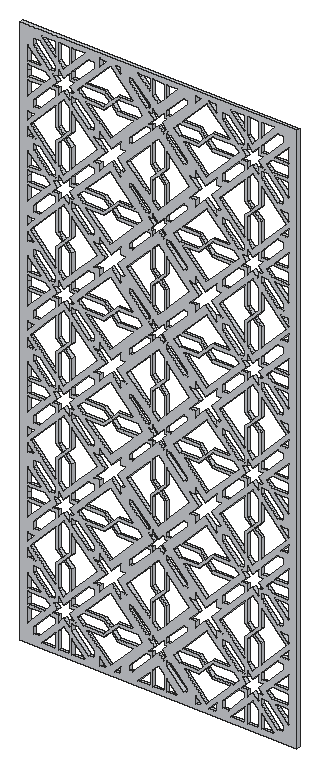
Revit family "Jumeirah", category Generic Models, Revit 2016
Family settings
  Part Type = Normal
  Can host rebar = No
  Round Connector Dimension = Use Diameter
  Work Plane-Based = Yes
  Always vertical = No
  Cut with Voids When Loaded = Yes
  Shared = No
  Room Calculation Point = No
Parameters
  Default Elevation = 4' - 0"
  Angle = 0.00°
Reference planes (in)
  plane 1 "Center (Front/Back)": y = 0
  plane 2: z = 0
  plane 3 "Center (Left/Right)": x = 0
Forms (in)
  Extrusion 1, solid
    sketch origin (392, 0, 0) x (1, 0, 0) y (0, 0, 1)
      loop
        line (-344, 96) -> (-392, 96) -> (-392, 0) -> (-344, 0) -> (-344, 96)
      loop
        line (-388.286, 95.1909) -> (-385.80749, 92.7124) -> (-385.80715, 95.19244) -> (-388.286, 95.1909)
      loop
        line (-385.37664, 95.19269) -> (-385.37664, 92.28156) -> (-384.39116, 91.29925) -> (-383.40717, 92.28323) -> (-383.40717, 95.19386) -> (-385.37664, 95.19269)
      loop
        line (-382.97666, 95.19244) -> (-382.97633, 92.7124) -> (-380.49781, 95.1909) -> (-382.97666, 95.19244)
      loop
        line (-378.1408, 93.80129) -> (-376.75505, 95.1909) -> (-378.1408, 95.19204) -> (-378.1408, 93.80129)
      loop
        line (-375.63685, 95.1909) -> (-374.49969, 94.05001) -> (-374.49969, 95.19067) -> (-375.63685, 95.1909)
      loop
        line (-371.53996, 95.19067) -> (-369.4152, 93.06591) -> (-369.41491, 95.19067) -> (-371.53996, 95.19067)
      loop
        line (-381.93689, 90.35682) -> (-379.06254, 93.23116) -> (-379.06256, 94.28168) -> (-380.09126, 94.28059) -> (-382.97615, 91.3957) -> (-382.97601, 90.35682) -> (-381.93689, 90.35682)
      loop
        line (-389.72126, 94.28168) -> (-389.72127, 93.23116) -> (-386.84692, 90.35682) -> (-385.8078, 90.35682) -> (-385.80766, 91.3957) -> (-388.69255, 94.28059) -> (-389.72126, 94.28168)
      loop
        line (-380.61849, 90.35681) -> (-377.32254, 90.3568) -> (-376.1958, 89.23006) -> (-375.06905, 90.35682) -> (-372.12478, 90.35681) -> (-376.37164, 94.60952) -> (-380.61849, 90.35681)
      loop
        line (-370.10113, 90.35682) -> (-369.41556, 90.35682) -> (-369.41547, 91.0422) -> (-372.40397, 94.0307) -> (-373.07901, 94.03141) -> (-373.07902, 93.33471) -> (-370.10113, 90.35682)
      loop
        line (-372.40397, 83.85111) -> (-369.41547, 86.83961) -> (-369.41556, 87.52499) -> (-370.10113, 87.52499) -> (-373.07902, 84.5471) -> (-373.07901, 83.8504) -> (-372.40397, 83.85111)
      loop
        line (-390.64194, 92.83497) -> (-390.64195, 90.35682) -> (-388.16379, 90.35682) -> (-390.64194, 92.83497)
      loop
        line (-390.64195, 89.92566) -> (-390.64196, 88.9409) -> (-390.64195, 87.95615) -> (-387.73262, 87.95615) -> (-386.74787, 88.9409) -> (-387.73262, 89.92566) -> (-390.64195, 89.92566)
      loop
        line (-385.43101, 88.9409) -> (-386.41576, 87.95615) -> (-385.37664, 87.95615) -> (-385.37664, 86.91713) -> (-384.39113, 87.90264) -> (-383.40717, 86.91867) -> (-383.40717, 87.95615) -> (-382.36974, 87.95617) -> (-383.35447, 88.9409) -> (-382.36974, 89.92564) -> (-383.40717, 89.92566) -> (-383.40717, 90.96314) -> (-384.39113, 89.97917) -> (-385.37664, 90.96468) -> (-385.37664, 89.92566) -> (-386.41576, 89.92566) -> (-385.43101, 88.9409)
      loop
        line (-382.0344, 88.9409) -> (-381.04966, 87.95617) -> (-377.47181, 87.95617) -> (-376.48499, 88.9409) -> (-377.47181, 89.92564) -> (-381.04966, 89.92564) -> (-382.0344, 88.9409)
      loop
        line (-375.89005, 88.9409) -> (-374.90528, 87.95615) -> (-371.69393, 87.95615) -> (-370.70918, 88.9409) -> (-371.69393, 89.92566) -> (-374.90528, 89.92566) -> (-375.89005, 88.9409)
      loop
        line (-381.93689, 87.52499) -> (-382.97601, 87.52499) -> (-382.97615, 86.48611) -> (-380.09126, 83.60122) -> (-379.06256, 83.60013) -> (-379.06254, 84.65065) -> (-381.93689, 87.52499)
      loop
        line (-389.72126, 83.60013) -> (-388.69255, 83.60122) -> (-385.80766, 86.48611) -> (-385.8078, 87.52499) -> (-386.84692, 87.52499) -> (-389.72127, 84.65065) -> (-389.72126, 83.60013)
      loop
        line (-380.61849, 87.525) -> (-376.37164, 83.27229) -> (-372.12478, 87.525) -> (-375.06905, 87.52499) -> (-376.1958, 88.65175) -> (-377.32254, 87.52501) -> (-380.61849, 87.525)
      loop
        line (-390.64194, 85.04684) -> (-388.16379, 87.52499) -> (-390.64195, 87.52499) -> (-390.64194, 85.04684)
      loop
        line (-368, 95.1909) -> (-368.9844, 95.19092) -> (-368.9844, 92.63511) -> (-368, 91.65072) -> (-367.0156, 92.63511) -> (-367.0156, 95.19092) -> (-368, 95.1909)
      loop
        line (-381.93689, 73.98046) -> (-379.06254, 76.8548) -> (-379.06256, 77.90531) -> (-380.09126, 77.90423) -> (-382.97615, 75.01934) -> (-382.97601, 73.98046) -> (-381.93689, 73.98046)
      loop
        line (-389.72126, 77.90531) -> (-389.72127, 76.8548) -> (-386.84692, 73.98046) -> (-385.8078, 73.98046) -> (-385.80766, 75.01934) -> (-388.69255, 77.90423) -> (-389.72126, 77.90531)
      loop
        line (-380.61849, 73.98045) -> (-377.32254, 73.98044) -> (-376.1958, 72.8537) -> (-375.06905, 73.98046) -> (-372.12478, 73.98045) -> (-376.37164, 78.23316) -> (-380.61849, 73.98045)
      loop
        line (-370.10113, 73.98046) -> (-369.41556, 73.98046) -> (-369.41547, 74.66584) -> (-372.40397, 77.65433) -> (-373.07901, 77.65505) -> (-373.07902, 76.95835) -> (-370.10113, 73.98046)
      loop
        line (-372.40397, 67.47475) -> (-369.41547, 70.46325) -> (-369.41556, 71.14863) -> (-370.10113, 71.14863) -> (-373.07902, 68.17073) -> (-373.07901, 67.47404) -> (-372.40397, 67.47475)
      loop
        line (-390.64194, 76.45861) -> (-390.64195, 73.98046) -> (-388.16379, 73.98046) -> (-390.64194, 76.45861)
      loop
        line (-390.64195, 73.5493) -> (-390.64196, 72.56454) -> (-390.64195, 71.57979) -> (-387.73262, 71.57979) -> (-386.74787, 72.56454) -> (-387.73262, 73.5493) -> (-390.64195, 73.5493)
      loop
        line (-385.43101, 72.56454) -> (-386.41576, 71.57979) -> (-385.37664, 71.57979) -> (-385.37664, 70.54077) -> (-384.39113, 71.52627) -> (-383.40717, 70.54231) -> (-383.40717, 71.57979) -> (-382.36974, 71.57981) -> (-383.35447, 72.56454) -> (-382.36974, 73.54928) -> (-383.40717, 73.5493) -> (-383.40717, 74.58677) -> (-384.39113, 73.60281) -> (-385.37664, 74.58832) -> (-385.37664, 73.5493) -> (-386.41576, 73.5493) -> (-385.43101, 72.56454)
      loop
        line (-382.0344, 72.56454) -> (-381.04966, 71.57981) -> (-377.47181, 71.57981) -> (-376.48499, 72.56454) -> (-377.47181, 73.54928) -> (-381.04966, 73.54928) -> (-382.0344, 72.56454)
      loop
        line (-375.89005, 72.56454) -> (-374.90528, 71.57979) -> (-371.69393, 71.57979) -> (-370.70918, 72.56454) -> (-371.69393, 73.5493) -> (-374.90528, 73.5493) -> (-375.89005, 72.56454)
      loop
        line (-381.93689, 71.14863) -> (-382.97601, 71.14863) -> (-382.97615, 70.10974) -> (-380.09126, 67.22486) -> (-379.06256, 67.22377) -> (-379.06254, 68.27429) -> (-381.93689, 71.14863)
      loop
        line (-389.72126, 67.22377) -> (-388.69255, 67.22486) -> (-385.80766, 70.10974) -> (-385.8078, 71.14863) -> (-386.84692, 71.14863) -> (-389.72127, 68.27429) -> (-389.72126, 67.22377)
      loop
        line (-380.61849, 71.14864) -> (-376.37164, 66.89593) -> (-372.12478, 71.14864) -> (-375.06905, 71.14863) -> (-376.1958, 72.27538) -> (-377.32254, 71.14865) -> (-380.61849, 71.14864)
      loop
        line (-390.64194, 68.67048) -> (-388.16379, 71.14863) -> (-390.64195, 71.14863) -> (-390.64194, 68.67048)
      loop
        line (-381.93689, 57.6041) -> (-379.06254, 60.47844) -> (-379.06256, 61.52895) -> (-380.09126, 61.52786) -> (-382.97615, 58.64298) -> (-382.97601, 57.6041) -> (-381.93689, 57.6041)
      loop
        line (-389.72126, 61.52895) -> (-389.72127, 60.47844) -> (-386.84692, 57.6041) -> (-385.8078, 57.6041) -> (-385.80766, 58.64298) -> (-388.69255, 61.52786) -> (-389.72126, 61.52895)
      loop
        line (-380.61849, 57.60409) -> (-377.32254, 57.60408) -> (-376.1958, 56.47734) -> (-375.06905, 57.6041) -> (-372.12478, 57.60409) -> (-376.37164, 61.8568) -> (-380.61849, 57.60409)
      loop
        line (-370.10113, 57.6041) -> (-369.41556, 57.6041) -> (-369.41547, 58.28947) -> (-372.40397, 61.27797) -> (-373.07901, 61.27869) -> (-373.07902, 60.58199) -> (-370.10113, 57.6041)
      loop
        line (-368, 56.87401) -> (-368.9844, 57.8584) -> (-368.9844, 57.17293) -> (-369.66997, 57.17293) -> (-368.68521, 56.18818) -> (-369.66997, 55.20343) -> (-368.9844, 55.20343) -> (-368.9844, 54.51796) -> (-368, 55.50235) -> (-367.0156, 54.51796) -> (-367.0156, 55.20343) -> (-366.33003, 55.20343) -> (-367.31479, 56.18818) -> (-366.33003, 57.17293) -> (-367.0156, 57.17293) -> (-367.0156, 57.8584) -> (-368, 56.87401)
      loop
        line (-372.40397, 51.09839) -> (-369.41547, 54.08689) -> (-369.41556, 54.77227) -> (-370.10113, 54.77227) -> (-373.07902, 51.79437) -> (-373.07901, 51.09767) -> (-372.40397, 51.09839)
      loop
        line (-390.64194, 60.08225) -> (-390.64195, 57.6041) -> (-388.16379, 57.6041) -> (-390.64194, 60.08225)
      loop
        line (-390.64195, 57.17294) -> (-390.64196, 56.18818) -> (-390.64195, 55.20343) -> (-387.73262, 55.20343) -> (-386.74787, 56.18818) -> (-387.73262, 57.17293) -> (-390.64195, 57.17294)
      loop
        line (-385.43101, 56.18818) -> (-386.41576, 55.20343) -> (-385.37664, 55.20343) -> (-385.37664, 54.1644) -> (-384.39113, 55.14991) -> (-383.40717, 54.16595) -> (-383.40717, 55.20343) -> (-382.36974, 55.20345) -> (-383.35447, 56.18818) -> (-382.36974, 57.17292) -> (-383.40717, 57.17293) -> (-383.40717, 58.21041) -> (-384.39113, 57.22645) -> (-385.37664, 58.21196) -> (-385.37664, 57.17293) -> (-386.41576, 57.17293) -> (-385.43101, 56.18818)
      loop
        line (-382.0344, 56.18818) -> (-381.04966, 55.20345) -> (-377.47181, 55.20345) -> (-376.48499, 56.18818) -> (-377.47181, 57.17292) -> (-381.04966, 57.17292) -> (-382.0344, 56.18818)
      loop
        line (-375.89005, 56.18818) -> (-374.90528, 55.20343) -> (-371.69393, 55.20343) -> (-370.70918, 56.18818) -> (-371.69393, 57.17293) -> (-374.90528, 57.17293) -> (-375.89005, 56.18818)
      loop
        line (-381.93689, 54.77227) -> (-382.97601, 54.77227) -> (-382.97615, 53.73338) -> (-380.09126, 50.8485) -> (-379.06256, 50.84741) -> (-379.06254, 51.89792) -> (-381.93689, 54.77227)
      loop
        line (-389.72126, 50.84741) -> (-388.69255, 50.8485) -> (-385.80766, 53.73338) -> (-385.8078, 54.77227) -> (-386.84692, 54.77227) -> (-389.72127, 51.89792) -> (-389.72126, 50.84741)
      loop
        line (-380.61849, 54.77227) -> (-376.37164, 50.51956) -> (-372.12478, 54.77227) -> (-375.06905, 54.77227) -> (-376.1958, 55.89902) -> (-377.32254, 54.77228) -> (-380.61849, 54.77227)
      loop
        line (-390.64194, 52.29412) -> (-388.16379, 54.77227) -> (-390.64195, 54.77226) -> (-390.64194, 52.29412)
      loop
        line (-389.24366, 82.6909) -> (-390.64194, 82.6909) -> (-390.64198, 81.29519) -> (-389.24366, 82.6909)
      loop
        line (-390.64199, 80.20763) -> (-390.64194, 78.81454) -> (-389.24702, 78.81454) -> (-390.64199, 80.20763)
      loop
        line (-385.8078, 76.33635) -> (-385.8078, 79.63393) -> (-384.68901, 80.75271) -> (-385.80782, 81.87152) -> (-385.80782, 85.16909) -> (-390.22418, 80.7491) -> (-385.8078, 76.33635)
      loop
        line (-385.37663, 75.90519) -> (-384.39191, 74.92047) -> (-383.40716, 75.90527) -> (-383.40716, 79.48466) -> (-384.39192, 80.45562) -> (-385.37663, 79.47017) -> (-385.37663, 75.90519)
      loop
        line (-382.97447, 76.33635) -> (-378.55809, 80.7491) -> (-382.97445, 85.16909) -> (-382.97445, 81.87152) -> (-384.09325, 80.75271) -> (-382.97447, 79.63393) -> (-382.97447, 76.33635)
      loop
        line (-383.40719, 85.59862) -> (-384.39113, 86.58256) -> (-385.37666, 85.60025) -> (-385.37666, 82.03863) -> (-384.39024, 81.05222) -> (-383.40719, 82.03529) -> (-383.40719, 85.59862)
      loop
        line (-377.23743, 80.75428) -> (-379.17978, 78.81454) -> (-378.14194, 78.81454) -> (-378.14194, 77.77804) -> (-376.20596, 79.71942) -> (-374.49969, 78.00755) -> (-374.49969, 79.06454) -> (-373.46219, 79.06454) -> (-375.16171, 80.76177) -> (-373.47944, 82.4409) -> (-374.49969, 82.4409) -> (-374.49969, 83.50101) -> (-376.20831, 81.78677) -> (-378.1408, 83.72466) -> (-378.1408, 82.68977) -> (-379.17654, 82.68977) -> (-377.23743, 80.75428)
      loop
        line (-373.47838, 80.74957) -> (-369.41558, 76.69011) -> (-369.41558, 79.63393) -> (-368.29678, 80.75272) -> (-369.41558, 81.87152) -> (-369.41558, 84.81553) -> (-373.47838, 80.74957)
      loop
        line (-368.98442, 79.47017) -> (-368.98442, 76.25875) -> (-368, 75.27434) -> (-367.01558, 76.25875) -> (-367.01558, 79.47017) -> (-368, 80.45457) -> (-368.98442, 79.47017)
      loop
        line (-368.98442, 82.03527) -> (-368, 81.05088) -> (-367.01558, 82.03527) -> (-367.01558, 85.24669) -> (-368, 86.23111) -> (-368.98442, 85.24669) -> (-368.98442, 82.03527)
      loop
        line (-389.24366, 66.31454) -> (-390.64194, 66.31454) -> (-390.64198, 64.91883) -> (-389.24366, 66.31454)
      loop
        line (-390.64199, 63.83126) -> (-390.64194, 62.43818) -> (-389.24702, 62.43818) -> (-390.64199, 63.83126)
      loop
        line (-385.8078, 59.95999) -> (-385.8078, 63.25757) -> (-384.68901, 64.37635) -> (-385.80782, 65.49516) -> (-385.80782, 68.79272) -> (-390.22418, 64.37274) -> (-385.8078, 59.95999)
      loop
        line (-385.37663, 59.52883) -> (-384.39191, 58.54411) -> (-383.40716, 59.52891) -> (-383.40716, 63.1083) -> (-384.39192, 64.07926) -> (-385.37663, 63.09381) -> (-385.37663, 59.52883)
      loop
        line (-382.97447, 59.95999) -> (-378.55809, 64.37274) -> (-382.97445, 68.79272) -> (-382.97445, 65.49516) -> (-384.09325, 64.37635) -> (-382.97447, 63.25757) -> (-382.97447, 59.95999)
      loop
        line (-383.40719, 69.22225) -> (-384.39113, 70.2062) -> (-385.37666, 69.22389) -> (-385.37666, 65.66227) -> (-384.39024, 64.67586) -> (-383.40719, 65.65893) -> (-383.40719, 69.22225)
      loop
        line (-377.23743, 64.37792) -> (-379.17978, 62.43818) -> (-378.14194, 62.43818) -> (-378.14194, 61.40168) -> (-376.20596, 63.34306) -> (-374.49969, 61.63118) -> (-374.49969, 62.68818) -> (-373.46219, 62.68818) -> (-375.16171, 64.38541) -> (-373.47944, 66.06454) -> (-374.49969, 66.06454) -> (-374.49969, 67.12465) -> (-376.20831, 65.41041) -> (-378.1408, 67.3483) -> (-378.1408, 66.31341) -> (-379.17654, 66.31341) -> (-377.23743, 64.37792)
      loop
        line (-373.47838, 64.37321) -> (-369.41558, 60.31374) -> (-369.41558, 63.25757) -> (-368.29678, 64.37636) -> (-369.41558, 65.49516) -> (-369.41558, 68.43917) -> (-373.47838, 64.37321)
      loop
        line (-368.98442, 63.09381) -> (-368.98442, 59.88239) -> (-368, 58.89798) -> (-367.01558, 59.88239) -> (-367.01558, 63.09381) -> (-368, 64.07821) -> (-368.98442, 63.09381)
      loop
        line (-368.98442, 65.65891) -> (-368, 64.67452) -> (-367.01558, 65.65891) -> (-367.01558, 68.87033) -> (-368, 69.85475) -> (-368.98442, 68.87033) -> (-368.98442, 65.65891)
      loop
        line (-389.24366, 49.94449) -> (-390.64194, 49.94449) -> (-390.64198, 48.54877) -> (-389.24366, 49.94449)
      loop
        line (-390.22686, 48) -> (-385.80782, 43.57733) -> (-385.80782, 46.8749) -> (-384.68272, 48) -> (-385.80782, 49.1251) -> (-385.80782, 52.42267) -> (-390.22686, 48)
      loop
        line (-382.97445, 49.1251) -> (-384.09955, 48) -> (-382.97445, 46.8749) -> (-382.97445, 43.57733) -> (-378.5554, 48) -> (-382.97445, 52.42267) -> (-382.97445, 49.1251)
      loop
        line (-383.40719, 52.8522) -> (-384.39113, 53.83614) -> (-385.37666, 52.85383) -> (-385.37666, 49.29222) -> (-384.39024, 48.3058) -> (-383.40719, 49.28887) -> (-383.40719, 52.8522)
      loop
        line (-377.22955, 48) -> (-379.17654, 46.05665) -> (-378.1408, 46.05665) -> (-378.1408, 45.02176) -> (-376.20831, 46.95964) -> (-374.49969, 45.24541) -> (-374.49969, 46.30551) -> (-373.47944, 46.30551) -> (-375.1771, 48) -> (-373.47944, 49.69449) -> (-374.49969, 49.69449) -> (-374.49969, 50.75459) -> (-376.20831, 49.04036) -> (-378.1408, 50.97824) -> (-378.1408, 49.94335) -> (-379.17654, 49.94335) -> (-377.22955, 48)
      loop
        line (-373.48153, 48) -> (-369.41558, 43.93088) -> (-369.41558, 46.8749) -> (-368.29047, 48) -> (-369.41558, 49.1251) -> (-369.41558, 52.06912) -> (-373.48153, 48)
      loop
        line (-368.98442, 49.28886) -> (-368, 48.30446) -> (-367.01558, 49.28886) -> (-367.01558, 52.50028) -> (-368, 53.48469) -> (-368.98442, 52.50028) -> (-368.98442, 49.28886)
      loop
        line (-368, 73.25037) -> (-368.9844, 74.23477) -> (-368.9844, 73.5493) -> (-369.66997, 73.5493) -> (-368.68521, 72.56454) -> (-369.66997, 71.57979) -> (-368.9844, 71.57979) -> (-368.9844, 70.89432) -> (-368, 71.87872) -> (-367.0156, 70.89432) -> (-367.0156, 71.57979) -> (-366.33003, 71.57979) -> (-367.31479, 72.56454) -> (-366.33003, 73.5493) -> (-367.0156, 73.5493) -> (-367.0156, 74.23477) -> (-368, 73.25037)
      loop
        line (-368, 89.62673) -> (-368.9844, 90.61113) -> (-368.9844, 89.92566) -> (-369.66997, 89.92566) -> (-368.68521, 88.9409) -> (-369.66997, 87.95615) -> (-368.9844, 87.95615) -> (-368.9844, 87.27068) -> (-368, 88.25508) -> (-367.0156, 87.27068) -> (-367.0156, 87.95615) -> (-366.33003, 87.95615) -> (-367.31479, 88.9409) -> (-366.33003, 89.92566) -> (-367.0156, 89.92566) -> (-367.0156, 90.61113) -> (-368, 89.62673)
      loop
        line (-347.714, 95.1909) -> (-350.19285, 95.19244) -> (-350.19251, 92.7124) -> (-347.714, 95.1909)
      loop
        line (-350.62336, 95.19269) -> (-352.59283, 95.19386) -> (-352.59283, 92.28323) -> (-351.60884, 91.29925) -> (-350.62336, 92.28156) -> (-350.62336, 95.19269)
      loop
        line (-353.02334, 95.19244) -> (-355.50219, 95.1909) -> (-353.02367, 92.7124) -> (-353.02334, 95.19244)
      loop
        line (-357.8592, 93.80129) -> (-357.8592, 95.19204) -> (-359.24495, 95.1909) -> (-357.8592, 93.80129)
      loop
        line (-360.36315, 95.1909) -> (-361.50031, 95.19067) -> (-361.50031, 94.05001) -> (-360.36315, 95.1909)
      loop
        line (-364.46004, 95.19067) -> (-366.58509, 95.19067) -> (-366.5848, 93.06591) -> (-364.46004, 95.19067)
      loop
        line (-354.06311, 90.35682) -> (-353.02399, 90.35682) -> (-353.02385, 91.3957) -> (-355.90874, 94.28059) -> (-356.93744, 94.28168) -> (-356.93746, 93.23116) -> (-354.06311, 90.35682)
      loop
        line (-346.27874, 94.28168) -> (-347.30745, 94.28059) -> (-350.19234, 91.3957) -> (-350.1922, 90.35682) -> (-349.15308, 90.35682) -> (-346.27873, 93.23116) -> (-346.27874, 94.28168)
      loop
        line (-355.38151, 90.35681) -> (-359.62836, 94.60952) -> (-363.87522, 90.35681) -> (-360.93095, 90.35682) -> (-359.8042, 89.23006) -> (-358.67746, 90.3568) -> (-355.38151, 90.35681)
      loop
        line (-365.89887, 90.35682) -> (-362.92098, 93.33471) -> (-362.92099, 94.03141) -> (-363.59603, 94.0307) -> (-366.58453, 91.0422) -> (-366.58444, 90.35682) -> (-365.89887, 90.35682)
      loop
        line (-363.59603, 83.85111) -> (-362.92099, 83.8504) -> (-362.92098, 84.5471) -> (-365.89887, 87.52499) -> (-366.58444, 87.52499) -> (-366.58453, 86.83961) -> (-363.59603, 83.85111)
      loop
        line (-345.35806, 92.83497) -> (-347.83621, 90.35682) -> (-345.35805, 90.35682) -> (-345.35806, 92.83497)
      loop
        line (-345.35805, 89.92566) -> (-348.26738, 89.92566) -> (-349.25213, 88.9409) -> (-348.26738, 87.95615) -> (-345.35805, 87.95615) -> (-345.35804, 88.9409) -> (-345.35805, 89.92566)
      loop
        line (-350.56899, 88.9409) -> (-349.58424, 89.92566) -> (-350.62336, 89.92566) -> (-350.62336, 90.96468) -> (-351.60887, 89.97917) -> (-352.59283, 90.96314) -> (-352.59283, 89.92566) -> (-353.63026, 89.92564) -> (-352.64553, 88.9409) -> (-353.63026, 87.95617) -> (-352.59283, 87.95615) -> (-352.59283, 86.91867) -> (-351.60887, 87.90264) -> (-350.62336, 86.91713) -> (-350.62336, 87.95615) -> (-349.58424, 87.95615) -> (-350.56899, 88.9409)
      loop
        line (-353.9656, 88.9409) -> (-354.95034, 89.92564) -> (-358.52819, 89.92564) -> (-359.51501, 88.9409) -> (-358.52819, 87.95617) -> (-354.95034, 87.95617) -> (-353.9656, 88.9409)
      loop
        line (-360.10995, 88.9409) -> (-361.09472, 89.92566) -> (-364.30607, 89.92566) -> (-365.29082, 88.9409) -> (-364.30607, 87.95615) -> (-361.09472, 87.95615) -> (-360.10995, 88.9409)
      loop
        line (-354.06311, 87.52499) -> (-356.93746, 84.65065) -> (-356.93744, 83.60013) -> (-355.90874, 83.60122) -> (-353.02385, 86.48611) -> (-353.02399, 87.52499) -> (-354.06311, 87.52499)
      loop
        line (-346.27874, 83.60013) -> (-346.27873, 84.65065) -> (-349.15308, 87.52499) -> (-350.1922, 87.52499) -> (-350.19234, 86.48611) -> (-347.30745, 83.60122) -> (-346.27874, 83.60013)
      loop
        line (-355.38151, 87.525) -> (-358.67746, 87.52501) -> (-359.8042, 88.65175) -> (-360.93095, 87.52499) -> (-363.87522, 87.525) -> (-359.62836, 83.27229) -> (-355.38151, 87.525)
      loop
        line (-345.35806, 85.04684) -> (-345.35805, 87.52499) -> (-347.83621, 87.52499) -> (-345.35806, 85.04684)
      loop
        line (-354.06311, 73.98046) -> (-353.02399, 73.98046) -> (-353.02385, 75.01934) -> (-355.90874, 77.90423) -> (-356.93744, 77.90531) -> (-356.93746, 76.8548) -> (-354.06311, 73.98046)
      loop
        line (-346.27874, 77.90531) -> (-347.30745, 77.90423) -> (-350.19234, 75.01934) -> (-350.1922, 73.98046) -> (-349.15308, 73.98046) -> (-346.27873, 76.8548) -> (-346.27874, 77.90531)
      loop
        line (-355.38151, 73.98045) -> (-359.62836, 78.23316) -> (-363.87522, 73.98045) -> (-360.93095, 73.98046) -> (-359.8042, 72.8537) -> (-358.67746, 73.98044) -> (-355.38151, 73.98045)
      loop
        line (-365.89887, 73.98046) -> (-362.92098, 76.95835) -> (-362.92099, 77.65505) -> (-363.59603, 77.65433) -> (-366.58453, 74.66584) -> (-366.58444, 73.98046) -> (-365.89887, 73.98046)
      loop
        line (-363.59603, 67.47475) -> (-362.92099, 67.47404) -> (-362.92098, 68.17073) -> (-365.89887, 71.14863) -> (-366.58444, 71.14863) -> (-366.58453, 70.46325) -> (-363.59603, 67.47475)
      loop
        line (-345.35806, 76.45861) -> (-347.83621, 73.98046) -> (-345.35805, 73.98046) -> (-345.35806, 76.45861)
      loop
        line (-345.35805, 73.5493) -> (-348.26738, 73.5493) -> (-349.25213, 72.56454) -> (-348.26738, 71.57979) -> (-345.35805, 71.57979) -> (-345.35804, 72.56454) -> (-345.35805, 73.5493)
      loop
        line (-350.56899, 72.56454) -> (-349.58424, 73.5493) -> (-350.62336, 73.5493) -> (-350.62336, 74.58832) -> (-351.60887, 73.60281) -> (-352.59283, 74.58677) -> (-352.59283, 73.5493) -> (-353.63026, 73.54928) -> (-352.64553, 72.56454) -> (-353.63026, 71.57981) -> (-352.59283, 71.57979) -> (-352.59283, 70.54231) -> (-351.60887, 71.52627) -> (-350.62336, 70.54077) -> (-350.62336, 71.57979) -> (-349.58424, 71.57979) -> (-350.56899, 72.56454)
      loop
        line (-353.9656, 72.56454) -> (-354.95034, 73.54928) -> (-358.52819, 73.54928) -> (-359.51501, 72.56454) -> (-358.52819, 71.57981) -> (-354.95034, 71.57981) -> (-353.9656, 72.56454)
      loop
        line (-360.10995, 72.56454) -> (-361.09472, 73.5493) -> (-364.30607, 73.5493) -> (-365.29082, 72.56454) -> (-364.30607, 71.57979) -> (-361.09472, 71.57979) -> (-360.10995, 72.56454)
      loop
        line (-354.06311, 71.14863) -> (-356.93746, 68.27429) -> (-356.93744, 67.22377) -> (-355.90874, 67.22486) -> (-353.02385, 70.10974) -> (-353.02399, 71.14863) -> (-354.06311, 71.14863)
      loop
        line (-346.27874, 67.22377) -> (-346.27873, 68.27429) -> (-349.15308, 71.14863) -> (-350.1922, 71.14863) -> (-350.19234, 70.10974) -> (-347.30745, 67.22486) -> (-346.27874, 67.22377)
      loop
        line (-355.38151, 71.14864) -> (-358.67746, 71.14865) -> (-359.8042, 72.27538) -> (-360.93095, 71.14863) -> (-363.87522, 71.14864) -> (-359.62836, 66.89593) -> (-355.38151, 71.14864)
      loop
        line (-345.35806, 68.67048) -> (-345.35805, 71.14863) -> (-347.83621, 71.14863) -> (-345.35806, 68.67048)
      loop
        line (-354.06311, 57.6041) -> (-353.02399, 57.6041) -> (-353.02385, 58.64298) -> (-355.90874, 61.52786) -> (-356.93744, 61.52895) -> (-356.93746, 60.47844) -> (-354.06311, 57.6041)
      loop
        line (-346.27874, 61.52895) -> (-347.30745, 61.52786) -> (-350.19234, 58.64298) -> (-350.1922, 57.6041) -> (-349.15308, 57.6041) -> (-346.27873, 60.47844) -> (-346.27874, 61.52895)
      loop
        line (-355.38151, 57.60409) -> (-359.62836, 61.8568) -> (-363.87522, 57.60409) -> (-360.93095, 57.6041) -> (-359.8042, 56.47734) -> (-358.67746, 57.60408) -> (-355.38151, 57.60409)
      loop
        line (-365.89887, 57.6041) -> (-362.92098, 60.58199) -> (-362.92099, 61.27869) -> (-363.59603, 61.27797) -> (-366.58453, 58.28947) -> (-366.58444, 57.6041) -> (-365.89887, 57.6041)
      loop
        line (-363.59603, 51.09839) -> (-362.92099, 51.09767) -> (-362.92098, 51.79437) -> (-365.89887, 54.77227) -> (-366.58444, 54.77227) -> (-366.58453, 54.08689) -> (-363.59603, 51.09839)
      loop
        line (-345.35806, 60.08225) -> (-347.83621, 57.6041) -> (-345.35805, 57.6041) -> (-345.35806, 60.08225)
      loop
        line (-345.35805, 57.17294) -> (-348.26738, 57.17293) -> (-349.25213, 56.18818) -> (-348.26738, 55.20343) -> (-345.35805, 55.20343) -> (-345.35804, 56.18818) -> (-345.35805, 57.17294)
      loop
        line (-350.56899, 56.18818) -> (-349.58424, 57.17293) -> (-350.62336, 57.17293) -> (-350.62336, 58.21196) -> (-351.60887, 57.22645) -> (-352.59283, 58.21041) -> (-352.59283, 57.17293) -> (-353.63026, 57.17292) -> (-352.64553, 56.18818) -> (-353.63026, 55.20345) -> (-352.59283, 55.20343) -> (-352.59283, 54.16595) -> (-351.60887, 55.14991) -> (-350.62336, 54.1644) -> (-350.62336, 55.20343) -> (-349.58424, 55.20343) -> (-350.56899, 56.18818)
      loop
        line (-353.9656, 56.18818) -> (-354.95034, 57.17292) -> (-358.52819, 57.17292) -> (-359.51501, 56.18818) -> (-358.52819, 55.20345) -> (-354.95034, 55.20345) -> (-353.9656, 56.18818)
      loop
        line (-360.10995, 56.18818) -> (-361.09472, 57.17293) -> (-364.30607, 57.17293) -> (-365.29082, 56.18818) -> (-364.30607, 55.20343) -> (-361.09472, 55.20343) -> (-360.10995, 56.18818)
      loop
        line (-354.06311, 54.77227) -> (-356.93746, 51.89792) -> (-356.93744, 50.84741) -> (-355.90874, 50.8485) -> (-353.02385, 53.73338) -> (-353.02399, 54.77227) -> (-354.06311, 54.77227)
      loop
        line (-346.27874, 50.84741) -> (-346.27873, 51.89792) -> (-349.15308, 54.77227) -> (-350.1922, 54.77227) -> (-350.19234, 53.73338) -> (-347.30745, 50.8485) -> (-346.27874, 50.84741)
      loop
        line (-355.38151, 54.77227) -> (-358.67746, 54.77228) -> (-359.8042, 55.89902) -> (-360.93095, 54.77227) -> (-363.87522, 54.77227) -> (-359.62836, 50.51956) -> (-355.38151, 54.77227)
      loop
        line (-345.35806, 52.29412) -> (-345.35805, 54.77226) -> (-347.83621, 54.77227) -> (-345.35806, 52.29412)
      loop
        line (-346.75634, 82.6909) -> (-345.35802, 81.29519) -> (-345.35806, 82.6909) -> (-346.75634, 82.6909)
      loop
        line (-345.35801, 80.20763) -> (-346.75298, 78.81454) -> (-345.35806, 78.81454) -> (-345.35801, 80.20763)
      loop
        line (-350.1922, 76.33635) -> (-345.77582, 80.7491) -> (-350.19218, 85.16909) -> (-350.19218, 81.87152) -> (-351.31099, 80.75271) -> (-350.1922, 79.63393) -> (-350.1922, 76.33635)
      loop
        line (-350.62337, 75.90519) -> (-350.62337, 79.47017) -> (-351.60808, 80.45562) -> (-352.59284, 79.48466) -> (-352.59284, 75.90527) -> (-351.60809, 74.92047) -> (-350.62337, 75.90519)
      loop
        line (-353.02553, 76.33635) -> (-353.02553, 79.63393) -> (-351.90675, 80.75271) -> (-353.02555, 81.87152) -> (-353.02555, 85.16909) -> (-357.44191, 80.7491) -> (-353.02553, 76.33635)
      loop
        line (-352.59281, 85.59862) -> (-352.59281, 82.03529) -> (-351.60976, 81.05222) -> (-350.62334, 82.03863) -> (-350.62334, 85.60025) -> (-351.60887, 86.58256) -> (-352.59281, 85.59862)
      loop
        line (-358.76257, 80.75428) -> (-356.82346, 82.68977) -> (-357.8592, 82.68977) -> (-357.8592, 83.72466) -> (-359.79169, 81.78677) -> (-361.50031, 83.50101) -> (-361.50031, 82.4409) -> (-362.52056, 82.4409) -> (-360.83829, 80.76177) -> (-362.53781, 79.06454) -> (-361.50031, 79.06454) -> (-361.50031, 78.00755) -> (-359.79404, 79.71942) -> (-357.85806, 77.77804) -> (-357.85806, 78.81454) -> (-356.82022, 78.81454) -> (-358.76257, 80.75428)
      loop
        line (-362.52162, 80.74957) -> (-366.58442, 84.81553) -> (-366.58442, 81.87152) -> (-367.70322, 80.75272) -> (-366.58442, 79.63393) -> (-366.58442, 76.69011) -> (-362.52162, 80.74957)
      loop
        line (-346.75634, 66.31454) -> (-345.35802, 64.91883) -> (-345.35806, 66.31454) -> (-346.75634, 66.31454)
      loop
        line (-345.35801, 63.83126) -> (-346.75298, 62.43818) -> (-345.35806, 62.43818) -> (-345.35801, 63.83126)
      loop
        line (-350.1922, 59.95999) -> (-345.77582, 64.37274) -> (-350.19218, 68.79272) -> (-350.19218, 65.49516) -> (-351.31099, 64.37635) -> (-350.1922, 63.25757) -> (-350.1922, 59.95999)
      loop
        line (-350.62337, 59.52883) -> (-350.62337, 63.09381) -> (-351.60808, 64.07926) -> (-352.59284, 63.1083) -> (-352.59284, 59.52891) -> (-351.60809, 58.54411) -> (-350.62337, 59.52883)
      loop
        line (-353.02553, 59.95999) -> (-353.02553, 63.25757) -> (-351.90675, 64.37635) -> (-353.02555, 65.49516) -> (-353.02555, 68.79272) -> (-357.44191, 64.37274) -> (-353.02553, 59.95999)
      loop
        line (-352.59281, 69.22225) -> (-352.59281, 65.65893) -> (-351.60976, 64.67586) -> (-350.62334, 65.66227) -> (-350.62334, 69.22389) -> (-351.60887, 70.2062) -> (-352.59281, 69.22225)
      loop
        line (-358.76257, 64.37792) -> (-356.82346, 66.31341) -> (-357.8592, 66.31341) -> (-357.8592, 67.3483) -> (-359.79169, 65.41041) -> (-361.50031, 67.12465) -> (-361.50031, 66.06454) -> (-362.52056, 66.06454) -> (-360.83829, 64.38541) -> (-362.53781, 62.68818) -> (-361.50031, 62.68818) -> (-361.50031, 61.63118) -> (-359.79404, 63.34306) -> (-357.85806, 61.40168) -> (-357.85806, 62.43818) -> (-356.82022, 62.43818) -> (-358.76257, 64.37792)
      loop
        line (-362.52162, 64.37321) -> (-366.58442, 68.43917) -> (-366.58442, 65.49516) -> (-367.70322, 64.37636) -> (-366.58442, 63.25757) -> (-366.58442, 60.31374) -> (-362.52162, 64.37321)
      loop
        line (-346.75634, 49.94449) -> (-345.35802, 48.54877) -> (-345.35806, 49.94449) -> (-346.75634, 49.94449)
      loop
        line (-345.77314, 48) -> (-350.19218, 52.42267) -> (-350.19218, 49.1251) -> (-351.31728, 48) -> (-350.19218, 46.8749) -> (-350.19218, 43.57733) -> (-345.77314, 48)
      loop
        line (-353.02555, 49.1251) -> (-353.02555, 52.42267) -> (-357.4446, 48) -> (-353.02555, 43.57733) -> (-353.02555, 46.8749) -> (-351.90045, 48) -> (-353.02555, 49.1251)
      loop
        line (-352.59281, 52.8522) -> (-352.59281, 49.28887) -> (-351.60976, 48.3058) -> (-350.62334, 49.29222) -> (-350.62334, 52.85383) -> (-351.60887, 53.83614) -> (-352.59281, 52.8522)
      loop
        line (-358.77045, 48) -> (-356.82346, 49.94335) -> (-357.8592, 49.94335) -> (-357.8592, 50.97824) -> (-359.79169, 49.04036) -> (-361.50031, 50.75459) -> (-361.50031, 49.69449) -> (-362.52056, 49.69449) -> (-360.8229, 48) -> (-362.52056, 46.30551) -> (-361.50031, 46.30551) -> (-361.50031, 45.24541) -> (-359.79169, 46.95964) -> (-357.8592, 45.02176) -> (-357.8592, 46.05665) -> (-356.82346, 46.05665) -> (-358.77045, 48)
      loop
        line (-362.51847, 48) -> (-366.58442, 52.06912) -> (-366.58442, 49.1251) -> (-367.70953, 48) -> (-366.58442, 46.8749) -> (-366.58442, 43.93088) -> (-362.51847, 48)
      loop
        line (-388.286, 0.8091) -> (-385.80715, 0.80756) -> (-385.80749, 3.2876) -> (-388.286, 0.8091)
      loop
        line (-385.37664, 0.80731) -> (-383.40717, 0.80614) -> (-383.40717, 3.71677) -> (-384.39116, 4.70075) -> (-385.37664, 3.71844) -> (-385.37664, 0.80731)
      loop
        line (-382.97666, 0.80756) -> (-380.49781, 0.8091) -> (-382.97633, 3.2876) -> (-382.97666, 0.80756)
      loop
        line (-378.1408, 2.19871) -> (-378.1408, 0.80796) -> (-376.75505, 0.8091) -> (-378.1408, 2.19871)
      loop
        line (-375.63685, 0.8091) -> (-374.49969, 0.80933) -> (-374.49969, 1.94999) -> (-375.63685, 0.8091)
      loop
        line (-371.53996, 0.80933) -> (-369.41491, 0.80933) -> (-369.4152, 2.93409) -> (-371.53996, 0.80933)
      loop
        line (-381.93689, 5.64318) -> (-382.97601, 5.64318) -> (-382.97615, 4.6043) -> (-380.09126, 1.71941) -> (-379.06256, 1.71832) -> (-379.06254, 2.76884) -> (-381.93689, 5.64318)
      loop
        line (-389.72126, 1.71832) -> (-388.69255, 1.71941) -> (-385.80766, 4.6043) -> (-385.8078, 5.64318) -> (-386.84692, 5.64318) -> (-389.72127, 2.76884) -> (-389.72126, 1.71832)
      loop
        line (-380.61849, 5.64319) -> (-376.37164, 1.39048) -> (-372.12478, 5.64319) -> (-375.06905, 5.64318) -> (-376.1958, 6.76994) -> (-377.32254, 5.6432) -> (-380.61849, 5.64319)
      loop
        line (-370.10113, 5.64318) -> (-373.07902, 2.66529) -> (-373.07901, 1.96859) -> (-372.40397, 1.9693) -> (-369.41547, 4.9578) -> (-369.41556, 5.64318) -> (-370.10113, 5.64318)
      loop
        line (-372.40397, 12.14889) -> (-373.07901, 12.1496) -> (-373.07902, 11.4529) -> (-370.10113, 8.47501) -> (-369.41556, 8.47501) -> (-369.41547, 9.16039) -> (-372.40397, 12.14889)
      loop
        line (-390.64194, 3.16503) -> (-388.16379, 5.64318) -> (-390.64195, 5.64318) -> (-390.64194, 3.16503)
      loop
        line (-390.64195, 6.07434) -> (-387.73262, 6.07434) -> (-386.74787, 7.0591) -> (-387.73262, 8.04385) -> (-390.64195, 8.04385) -> (-390.64196, 7.0591) -> (-390.64195, 6.07434)
      loop
        line (-385.43101, 7.0591) -> (-386.41576, 6.07434) -> (-385.37664, 6.07434) -> (-385.37664, 5.03532) -> (-384.39113, 6.02083) -> (-383.40717, 5.03686) -> (-383.40717, 6.07434) -> (-382.36974, 6.07436) -> (-383.35447, 7.0591) -> (-382.36974, 8.04383) -> (-383.40717, 8.04385) -> (-383.40717, 9.08133) -> (-384.39113, 8.09736) -> (-385.37664, 9.08287) -> (-385.37664, 8.04385) -> (-386.41576, 8.04385) -> (-385.43101, 7.0591)
      loop
        line (-382.0344, 7.0591) -> (-381.04966, 6.07436) -> (-377.47181, 6.07436) -> (-376.48499, 7.0591) -> (-377.47181, 8.04383) -> (-381.04966, 8.04383) -> (-382.0344, 7.0591)
      loop
        line (-375.89005, 7.0591) -> (-374.90528, 6.07434) -> (-371.69393, 6.07434) -> (-370.70918, 7.0591) -> (-371.69393, 8.04385) -> (-374.90528, 8.04385) -> (-375.89005, 7.0591)
      loop
        line (-381.93689, 8.47501) -> (-379.06254, 11.34935) -> (-379.06256, 12.39987) -> (-380.09126, 12.39878) -> (-382.97615, 9.51389) -> (-382.97601, 8.47501) -> (-381.93689, 8.47501)
      loop
        line (-389.72126, 12.39987) -> (-389.72127, 11.34935) -> (-386.84692, 8.47501) -> (-385.8078, 8.47501) -> (-385.80766, 9.51389) -> (-388.69255, 12.39878) -> (-389.72126, 12.39987)
      loop
        line (-380.61849, 8.475) -> (-377.32254, 8.47499) -> (-376.1958, 7.34825) -> (-375.06905, 8.47501) -> (-372.12478, 8.475) -> (-376.37164, 12.72771) -> (-380.61849, 8.475)
      loop
        line (-390.64194, 10.95316) -> (-390.64195, 8.47501) -> (-388.16379, 8.47501) -> (-390.64194, 10.95316)
      loop
        line (-368, 0.8091) -> (-367.0156, 0.80908) -> (-367.0156, 3.36489) -> (-368, 4.34928) -> (-368.9844, 3.36489) -> (-368.9844, 0.80908) -> (-368, 0.8091)
      loop
        line (-381.93689, 22.01954) -> (-382.97601, 22.01954) -> (-382.97615, 20.98066) -> (-380.09126, 18.09577) -> (-379.06256, 18.09469) -> (-379.06254, 19.1452) -> (-381.93689, 22.01954)
      loop
        line (-389.72126, 18.09469) -> (-388.69255, 18.09577) -> (-385.80766, 20.98066) -> (-385.8078, 22.01954) -> (-386.84692, 22.01954) -> (-389.72127, 19.1452) -> (-389.72126, 18.09469)
      loop
        line (-380.61849, 22.01955) -> (-376.37164, 17.76684) -> (-372.12478, 22.01955) -> (-375.06905, 22.01954) -> (-376.1958, 23.1463) -> (-377.32254, 22.01956) -> (-380.61849, 22.01955)
      loop
        line (-370.10113, 22.01954) -> (-373.07902, 19.04165) -> (-373.07901, 18.34495) -> (-372.40397, 18.34567) -> (-369.41547, 21.33416) -> (-369.41556, 22.01954) -> (-370.10113, 22.01954)
      loop
        line (-372.40397, 28.52525) -> (-373.07901, 28.52596) -> (-373.07902, 27.82927) -> (-370.10113, 24.85137) -> (-369.41556, 24.85137) -> (-369.41547, 25.53675) -> (-372.40397, 28.52525)
      loop
        line (-390.64194, 19.54139) -> (-388.16379, 22.01954) -> (-390.64195, 22.01954) -> (-390.64194, 19.54139)
      loop
        line (-390.64195, 22.4507) -> (-387.73262, 22.4507) -> (-386.74787, 23.43546) -> (-387.73262, 24.42021) -> (-390.64195, 24.42021) -> (-390.64196, 23.43546) -> (-390.64195, 22.4507)
      loop
        line (-385.43101, 23.43546) -> (-386.41576, 22.4507) -> (-385.37664, 22.4507) -> (-385.37664, 21.41168) -> (-384.39113, 22.39719) -> (-383.40717, 21.41323) -> (-383.40717, 22.4507) -> (-382.36974, 22.45072) -> (-383.35447, 23.43546) -> (-382.36974, 24.42019) -> (-383.40717, 24.42021) -> (-383.40717, 25.45769) -> (-384.39113, 24.47373) -> (-385.37664, 25.45923) -> (-385.37664, 24.42021) -> (-386.41576, 24.42021) -> (-385.43101, 23.43546)
      loop
        line (-382.0344, 23.43546) -> (-381.04966, 22.45072) -> (-377.47181, 22.45072) -> (-376.48499, 23.43546) -> (-377.47181, 24.42019) -> (-381.04966, 24.42019) -> (-382.0344, 23.43546)
      loop
        line (-375.89005, 23.43546) -> (-374.90528, 22.4507) -> (-371.69393, 22.4507) -> (-370.70918, 23.43546) -> (-371.69393, 24.42021) -> (-374.90528, 24.42021) -> (-375.89005, 23.43546)
      loop
        line (-381.93689, 24.85137) -> (-379.06254, 27.72571) -> (-379.06256, 28.77623) -> (-380.09126, 28.77514) -> (-382.97615, 25.89026) -> (-382.97601, 24.85137) -> (-381.93689, 24.85137)
      loop
        line (-389.72126, 28.77623) -> (-389.72127, 27.72571) -> (-386.84692, 24.85137) -> (-385.8078, 24.85137) -> (-385.80766, 25.89026) -> (-388.69255, 28.77514) -> (-389.72126, 28.77623)
      loop
        line (-380.61849, 24.85136) -> (-377.32254, 24.85135) -> (-376.1958, 23.72462) -> (-375.06905, 24.85137) -> (-372.12478, 24.85136) -> (-376.37164, 29.10407) -> (-380.61849, 24.85136)
      loop
        line (-390.64194, 27.32952) -> (-390.64195, 24.85137) -> (-388.16379, 24.85137) -> (-390.64194, 27.32952)
      loop
        line (-381.93689, 38.3959) -> (-382.97601, 38.3959) -> (-382.97615, 37.35702) -> (-380.09126, 34.47214) -> (-379.06256, 34.47105) -> (-379.06254, 35.52156) -> (-381.93689, 38.3959)
      loop
        line (-389.72126, 34.47105) -> (-388.69255, 34.47214) -> (-385.80766, 37.35702) -> (-385.8078, 38.3959) -> (-386.84692, 38.3959) -> (-389.72127, 35.52156) -> (-389.72126, 34.47105)
      loop
        line (-380.61849, 38.39591) -> (-376.37164, 34.1432) -> (-372.12478, 38.39591) -> (-375.06905, 38.3959) -> (-376.1958, 39.52266) -> (-377.32254, 38.39592) -> (-380.61849, 38.39591)
      loop
        line (-370.10113, 38.3959) -> (-373.07902, 35.41801) -> (-373.07901, 34.72131) -> (-372.40397, 34.72203) -> (-369.41547, 37.71053) -> (-369.41556, 38.3959) -> (-370.10113, 38.3959)
      loop
        line (-368, 39.12599) -> (-367.0156, 38.1416) -> (-367.0156, 38.82707) -> (-366.33003, 38.82707) -> (-367.31479, 39.81182) -> (-366.33003, 40.79657) -> (-367.0156, 40.79657) -> (-367.0156, 41.48204) -> (-368, 40.49765) -> (-368.9844, 41.48204) -> (-368.9844, 40.79657) -> (-369.66997, 40.79657) -> (-368.68521, 39.81182) -> (-369.66997, 38.82707) -> (-368.9844, 38.82707) -> (-368.9844, 38.1416) -> (-368, 39.12599)
      loop
        line (-372.40397, 44.90161) -> (-373.07901, 44.90233) -> (-373.07902, 44.20563) -> (-370.10113, 41.22773) -> (-369.41556, 41.22773) -> (-369.41547, 41.91311) -> (-372.40397, 44.90161)
      loop
        line (-390.64194, 35.91775) -> (-388.16379, 38.3959) -> (-390.64195, 38.3959) -> (-390.64194, 35.91775)
      loop
        line (-390.64195, 38.82706) -> (-387.73262, 38.82707) -> (-386.74787, 39.81182) -> (-387.73262, 40.79657) -> (-390.64195, 40.79657) -> (-390.64196, 39.81182) -> (-390.64195, 38.82706)
      loop
        line (-385.43101, 39.81182) -> (-386.41576, 38.82707) -> (-385.37664, 38.82707) -> (-385.37664, 37.78804) -> (-384.39113, 38.77355) -> (-383.40717, 37.78959) -> (-383.40717, 38.82707) -> (-382.36974, 38.82708) -> (-383.35447, 39.81182) -> (-382.36974, 40.79655) -> (-383.40717, 40.79657) -> (-383.40717, 41.83405) -> (-384.39113, 40.85009) -> (-385.37664, 41.8356) -> (-385.37664, 40.79657) -> (-386.41576, 40.79657) -> (-385.43101, 39.81182)
      loop
        line (-382.0344, 39.81182) -> (-381.04966, 38.82708) -> (-377.47181, 38.82708) -> (-376.48499, 39.81182) -> (-377.47181, 40.79655) -> (-381.04966, 40.79655) -> (-382.0344, 39.81182)
      loop
        line (-375.89005, 39.81182) -> (-374.90528, 38.82707) -> (-371.69393, 38.82707) -> (-370.70918, 39.81182) -> (-371.69393, 40.79657) -> (-374.90528, 40.79657) -> (-375.89005, 39.81182)
      loop
        line (-381.93689, 41.22773) -> (-379.06254, 44.10208) -> (-379.06256, 45.15259) -> (-380.09126, 45.1515) -> (-382.97615, 42.26662) -> (-382.97601, 41.22773) -> (-381.93689, 41.22773)
      loop
        line (-389.72126, 45.15259) -> (-389.72127, 44.10208) -> (-386.84692, 41.22773) -> (-385.8078, 41.22773) -> (-385.80766, 42.26662) -> (-388.69255, 45.1515) -> (-389.72126, 45.15259)
      loop
        line (-380.61849, 41.22773) -> (-377.32254, 41.22772) -> (-376.1958, 40.10098) -> (-375.06905, 41.22773) -> (-372.12478, 41.22773) -> (-376.37164, 45.48044) -> (-380.61849, 41.22773)
      loop
        line (-390.64194, 43.70588) -> (-390.64195, 41.22774) -> (-388.16379, 41.22773) -> (-390.64194, 43.70588)
      loop
        line (-389.24366, 13.3091) -> (-390.64198, 14.70481) -> (-390.64194, 13.3091) -> (-389.24366, 13.3091)
      loop
        line (-390.64199, 15.79237) -> (-389.24702, 17.18546) -> (-390.64194, 17.18546) -> (-390.64199, 15.79237)
      loop
        line (-385.8078, 19.66365) -> (-390.22418, 15.2509) -> (-385.80782, 10.83091) -> (-385.80782, 14.12848) -> (-384.68901, 15.24729) -> (-385.8078, 16.36607) -> (-385.8078, 19.66365)
      loop
        line (-385.37663, 20.09481) -> (-385.37663, 16.52983) -> (-384.39192, 15.54438) -> (-383.40716, 16.51534) -> (-383.40716, 20.09473) -> (-384.39191, 21.07953) -> (-385.37663, 20.09481)
      loop
        line (-382.97447, 19.66365) -> (-382.97447, 16.36607) -> (-384.09325, 15.24729) -> (-382.97445, 14.12848) -> (-382.97445, 10.83091) -> (-378.55809, 15.2509) -> (-382.97447, 19.66365)
      loop
        line (-383.40719, 10.40138) -> (-383.40719, 13.96471) -> (-384.39024, 14.94778) -> (-385.37666, 13.96137) -> (-385.37666, 10.39975) -> (-384.39113, 9.41744) -> (-383.40719, 10.40138)
      loop
        line (-377.23743, 15.24572) -> (-379.17654, 13.31023) -> (-378.1408, 13.31023) -> (-378.1408, 12.27534) -> (-376.20831, 14.21323) -> (-374.49969, 12.49899) -> (-374.49969, 13.5591) -> (-373.47944, 13.5591) -> (-375.16171, 15.23823) -> (-373.46219, 16.93546) -> (-374.49969, 16.93546) -> (-374.49969, 17.99245) -> (-376.20596, 16.28058) -> (-378.14194, 18.22196) -> (-378.14194, 17.18546) -> (-379.17978, 17.18546) -> (-377.23743, 15.24572)
      loop
        line (-373.47838, 15.25043) -> (-369.41558, 11.18447) -> (-369.41558, 14.12848) -> (-368.29678, 15.24728) -> (-369.41558, 16.36607) -> (-369.41558, 19.30989) -> (-373.47838, 15.25043)
      loop
        line (-368.98442, 16.52983) -> (-368, 15.54543) -> (-367.01558, 16.52983) -> (-367.01558, 19.74125) -> (-368, 20.72566) -> (-368.98442, 19.74125) -> (-368.98442, 16.52983)
      loop
        line (-368.98442, 13.96473) -> (-368.98442, 10.75331) -> (-368, 9.76889) -> (-367.01558, 10.75331) -> (-367.01558, 13.96473) -> (-368, 14.94912) -> (-368.98442, 13.96473)
      loop
        line (-389.24366, 29.68546) -> (-390.64198, 31.08117) -> (-390.64194, 29.68546) -> (-389.24366, 29.68546)
      loop
        line (-390.64199, 32.16874) -> (-389.24702, 33.56182) -> (-390.64194, 33.56182) -> (-390.64199, 32.16874)
      loop
        line (-385.8078, 36.04001) -> (-390.22418, 31.62726) -> (-385.80782, 27.20728) -> (-385.80782, 30.50484) -> (-384.68901, 31.62365) -> (-385.8078, 32.74243) -> (-385.8078, 36.04001)
      loop
        line (-385.37663, 36.47117) -> (-385.37663, 32.90619) -> (-384.39192, 31.92074) -> (-383.40716, 32.8917) -> (-383.40716, 36.47109) -> (-384.39191, 37.45589) -> (-385.37663, 36.47117)
      loop
        line (-382.97447, 36.04001) -> (-382.97447, 32.74243) -> (-384.09325, 31.62365) -> (-382.97445, 30.50484) -> (-382.97445, 27.20728) -> (-378.55809, 31.62726) -> (-382.97447, 36.04001)
      loop
        line (-383.40719, 26.77775) -> (-383.40719, 30.34107) -> (-384.39024, 31.32414) -> (-385.37666, 30.33773) -> (-385.37666, 26.77611) -> (-384.39113, 25.7938) -> (-383.40719, 26.77775)
      loop
        line (-377.23743, 31.62208) -> (-379.17654, 29.68659) -> (-378.1408, 29.68659) -> (-378.1408, 28.6517) -> (-376.20831, 30.58959) -> (-374.49969, 28.87535) -> (-374.49969, 29.93546) -> (-373.47944, 29.93546) -> (-375.16171, 31.61459) -> (-373.46219, 33.31182) -> (-374.49969, 33.31182) -> (-374.49969, 34.36882) -> (-376.20596, 32.65694) -> (-378.14194, 34.59832) -> (-378.14194, 33.56182) -> (-379.17978, 33.56182) -> (-377.23743, 31.62208)
      loop
        line (-373.47838, 31.62679) -> (-369.41558, 27.56083) -> (-369.41558, 30.50484) -> (-368.29678, 31.62364) -> (-369.41558, 32.74243) -> (-369.41558, 35.68626) -> (-373.47838, 31.62679)
      loop
        line (-368.98442, 32.90619) -> (-368, 31.92179) -> (-367.01558, 32.90619) -> (-367.01558, 36.11761) -> (-368, 37.10202) -> (-368.98442, 36.11761) -> (-368.98442, 32.90619)
      loop
        line (-368.98442, 30.34109) -> (-368.98442, 27.12967) -> (-368, 26.14525) -> (-367.01558, 27.12967) -> (-367.01558, 30.34109) -> (-368, 31.32548) -> (-368.98442, 30.34109)
      loop
        line (-389.24366, 46.05551) -> (-390.64198, 47.45123) -> (-390.64194, 46.05551) -> (-389.24366, 46.05551)
      loop
        line (-383.40719, 43.1478) -> (-383.40719, 46.71113) -> (-384.39024, 47.6942) -> (-385.37666, 46.70778) -> (-385.37666, 43.14617) -> (-384.39113, 42.16386) -> (-383.40719, 43.1478)
      loop
        line (-368.98442, 46.71114) -> (-368.98442, 43.49972) -> (-368, 42.51531) -> (-367.01558, 43.49972) -> (-367.01558, 46.71114) -> (-368, 47.69554) -> (-368.98442, 46.71114)
      loop
        line (-368, 22.74963) -> (-367.0156, 21.76523) -> (-367.0156, 22.4507) -> (-366.33003, 22.4507) -> (-367.31479, 23.43546) -> (-366.33003, 24.42021) -> (-367.0156, 24.42021) -> (-367.0156, 25.10568) -> (-368, 24.12128) -> (-368.9844, 25.10568) -> (-368.9844, 24.42021) -> (-369.66997, 24.42021) -> (-368.68521, 23.43546) -> (-369.66997, 22.4507) -> (-368.9844, 22.4507) -> (-368.9844, 21.76523) -> (-368, 22.74963)
      loop
        line (-368, 6.37327) -> (-367.0156, 5.38887) -> (-367.0156, 6.07434) -> (-366.33003, 6.07434) -> (-367.31479, 7.0591) -> (-366.33003, 8.04385) -> (-367.0156, 8.04385) -> (-367.0156, 8.72932) -> (-368, 7.74492) -> (-368.9844, 8.72932) -> (-368.9844, 8.04385) -> (-369.66997, 8.04385) -> (-368.68521, 7.0591) -> (-369.66997, 6.07434) -> (-368.9844, 6.07434) -> (-368.9844, 5.38887) -> (-368, 6.37327)
      loop
        line (-347.714, 0.8091) -> (-350.19251, 3.2876) -> (-350.19285, 0.80756) -> (-347.714, 0.8091)
      loop
        line (-350.62336, 0.80731) -> (-350.62336, 3.71844) -> (-351.60884, 4.70075) -> (-352.59283, 3.71677) -> (-352.59283, 0.80614) -> (-350.62336, 0.80731)
      loop
        line (-353.02334, 0.80756) -> (-353.02367, 3.2876) -> (-355.50219, 0.8091) -> (-353.02334, 0.80756)
      loop
        line (-357.8592, 2.19871) -> (-359.24495, 0.8091) -> (-357.8592, 0.80796) -> (-357.8592, 2.19871)
      loop
        line (-360.36315, 0.8091) -> (-361.50031, 1.94999) -> (-361.50031, 0.80933) -> (-360.36315, 0.8091)
      loop
        line (-364.46004, 0.80933) -> (-366.5848, 2.93409) -> (-366.58509, 0.80933) -> (-364.46004, 0.80933)
      loop
        line (-354.06311, 5.64318) -> (-356.93746, 2.76884) -> (-356.93744, 1.71832) -> (-355.90874, 1.71941) -> (-353.02385, 4.6043) -> (-353.02399, 5.64318) -> (-354.06311, 5.64318)
      loop
        line (-346.27874, 1.71832) -> (-346.27873, 2.76884) -> (-349.15308, 5.64318) -> (-350.1922, 5.64318) -> (-350.19234, 4.6043) -> (-347.30745, 1.71941) -> (-346.27874, 1.71832)
      loop
        line (-355.38151, 5.64319) -> (-358.67746, 5.6432) -> (-359.8042, 6.76994) -> (-360.93095, 5.64318) -> (-363.87522, 5.64319) -> (-359.62836, 1.39048) -> (-355.38151, 5.64319)
      loop
        line (-365.89887, 5.64318) -> (-366.58444, 5.64318) -> (-366.58453, 4.9578) -> (-363.59603, 1.9693) -> (-362.92099, 1.96859) -> (-362.92098, 2.66529) -> (-365.89887, 5.64318)
      loop
        line (-363.59603, 12.14889) -> (-366.58453, 9.16039) -> (-366.58444, 8.47501) -> (-365.89887, 8.47501) -> (-362.92098, 11.4529) -> (-362.92099, 12.1496) -> (-363.59603, 12.14889)
      loop
        line (-345.35806, 3.16503) -> (-345.35805, 5.64318) -> (-347.83621, 5.64318) -> (-345.35806, 3.16503)
      loop
        line (-345.35805, 6.07434) -> (-345.35804, 7.0591) -> (-345.35805, 8.04385) -> (-348.26738, 8.04385) -> (-349.25213, 7.0591) -> (-348.26738, 6.07434) -> (-345.35805, 6.07434)
      loop
        line (-350.56899, 7.0591) -> (-349.58424, 8.04385) -> (-350.62336, 8.04385) -> (-350.62336, 9.08287) -> (-351.60887, 8.09736) -> (-352.59283, 9.08133) -> (-352.59283, 8.04385) -> (-353.63026, 8.04383) -> (-352.64553, 7.0591) -> (-353.63026, 6.07436) -> (-352.59283, 6.07434) -> (-352.59283, 5.03686) -> (-351.60887, 6.02083) -> (-350.62336, 5.03532) -> (-350.62336, 6.07434) -> (-349.58424, 6.07434) -> (-350.56899, 7.0591)
      loop
        line (-353.9656, 7.0591) -> (-354.95034, 8.04383) -> (-358.52819, 8.04383) -> (-359.51501, 7.0591) -> (-358.52819, 6.07436) -> (-354.95034, 6.07436) -> (-353.9656, 7.0591)
      loop
        line (-360.10995, 7.0591) -> (-361.09472, 8.04385) -> (-364.30607, 8.04385) -> (-365.29082, 7.0591) -> (-364.30607, 6.07434) -> (-361.09472, 6.07434) -> (-360.10995, 7.0591)
      loop
        line (-354.06311, 8.47501) -> (-353.02399, 8.47501) -> (-353.02385, 9.51389) -> (-355.90874, 12.39878) -> (-356.93744, 12.39987) -> (-356.93746, 11.34935) -> (-354.06311, 8.47501)
      loop
        line (-346.27874, 12.39987) -> (-347.30745, 12.39878) -> (-350.19234, 9.51389) -> (-350.1922, 8.47501) -> (-349.15308, 8.47501) -> (-346.27873, 11.34935) -> (-346.27874, 12.39987)
      loop
        line (-355.38151, 8.475) -> (-359.62836, 12.72771) -> (-363.87522, 8.475) -> (-360.93095, 8.47501) -> (-359.8042, 7.34825) -> (-358.67746, 8.47499) -> (-355.38151, 8.475)
      loop
        line (-345.35806, 10.95316) -> (-347.83621, 8.47501) -> (-345.35805, 8.47501) -> (-345.35806, 10.95316)
      loop
        line (-354.06311, 22.01954) -> (-356.93746, 19.1452) -> (-356.93744, 18.09469) -> (-355.90874, 18.09577) -> (-353.02385, 20.98066) -> (-353.02399, 22.01954) -> (-354.06311, 22.01954)
      loop
        line (-346.27874, 18.09469) -> (-346.27873, 19.1452) -> (-349.15308, 22.01954) -> (-350.1922, 22.01954) -> (-350.19234, 20.98066) -> (-347.30745, 18.09577) -> (-346.27874, 18.09469)
      loop
        line (-355.38151, 22.01955) -> (-358.67746, 22.01956) -> (-359.8042, 23.1463) -> (-360.93095, 22.01954) -> (-363.87522, 22.01955) -> (-359.62836, 17.76684) -> (-355.38151, 22.01955)
      loop
        line (-365.89887, 22.01954) -> (-366.58444, 22.01954) -> (-366.58453, 21.33416) -> (-363.59603, 18.34567) -> (-362.92099, 18.34495) -> (-362.92098, 19.04165) -> (-365.89887, 22.01954)
      loop
        line (-363.59603, 28.52525) -> (-366.58453, 25.53675) -> (-366.58444, 24.85137) -> (-365.89887, 24.85137) -> (-362.92098, 27.82927) -> (-362.92099, 28.52596) -> (-363.59603, 28.52525)
      loop
        line (-345.35806, 19.54139) -> (-345.35805, 22.01954) -> (-347.83621, 22.01954) -> (-345.35806, 19.54139)
      loop
        line (-345.35805, 22.4507) -> (-345.35804, 23.43546) -> (-345.35805, 24.42021) -> (-348.26738, 24.42021) -> (-349.25213, 23.43546) -> (-348.26738, 22.4507) -> (-345.35805, 22.4507)
      loop
        line (-350.56899, 23.43546) -> (-349.58424, 24.42021) -> (-350.62336, 24.42021) -> (-350.62336, 25.45923) -> (-351.60887, 24.47373) -> (-352.59283, 25.45769) -> (-352.59283, 24.42021) -> (-353.63026, 24.42019) -> (-352.64553, 23.43546) -> (-353.63026, 22.45072) -> (-352.59283, 22.4507) -> (-352.59283, 21.41323) -> (-351.60887, 22.39719) -> (-350.62336, 21.41168) -> (-350.62336, 22.4507) -> (-349.58424, 22.4507) -> (-350.56899, 23.43546)
      loop
        line (-353.9656, 23.43546) -> (-354.95034, 24.42019) -> (-358.52819, 24.42019) -> (-359.51501, 23.43546) -> (-358.52819, 22.45072) -> (-354.95034, 22.45072) -> (-353.9656, 23.43546)
      loop
        line (-360.10995, 23.43546) -> (-361.09472, 24.42021) -> (-364.30607, 24.42021) -> (-365.29082, 23.43546) -> (-364.30607, 22.4507) -> (-361.09472, 22.4507) -> (-360.10995, 23.43546)
      loop
        line (-354.06311, 24.85137) -> (-353.02399, 24.85137) -> (-353.02385, 25.89026) -> (-355.90874, 28.77514) -> (-356.93744, 28.77623) -> (-356.93746, 27.72571) -> (-354.06311, 24.85137)
      loop
        line (-346.27874, 28.77623) -> (-347.30745, 28.77514) -> (-350.19234, 25.89026) -> (-350.1922, 24.85137) -> (-349.15308, 24.85137) -> (-346.27873, 27.72571) -> (-346.27874, 28.77623)
      loop
        line (-355.38151, 24.85136) -> (-359.62836, 29.10407) -> (-363.87522, 24.85136) -> (-360.93095, 24.85137) -> (-359.8042, 23.72462) -> (-358.67746, 24.85135) -> (-355.38151, 24.85136)
      loop
        line (-345.35806, 27.32952) -> (-347.83621, 24.85137) -> (-345.35805, 24.85137) -> (-345.35806, 27.32952)
      loop
        line (-354.06311, 38.3959) -> (-356.93746, 35.52156) -> (-356.93744, 34.47105) -> (-355.90874, 34.47214) -> (-353.02385, 37.35702) -> (-353.02399, 38.3959) -> (-354.06311, 38.3959)
      loop
        line (-346.27874, 34.47105) -> (-346.27873, 35.52156) -> (-349.15308, 38.3959) -> (-350.1922, 38.3959) -> (-350.19234, 37.35702) -> (-347.30745, 34.47214) -> (-346.27874, 34.47105)
      loop
        line (-355.38151, 38.39591) -> (-358.67746, 38.39592) -> (-359.8042, 39.52266) -> (-360.93095, 38.3959) -> (-363.87522, 38.39591) -> (-359.62836, 34.1432) -> (-355.38151, 38.39591)
      loop
        line (-365.89887, 38.3959) -> (-366.58444, 38.3959) -> (-366.58453, 37.71053) -> (-363.59603, 34.72203) -> (-362.92099, 34.72131) -> (-362.92098, 35.41801) -> (-365.89887, 38.3959)
      loop
        line (-363.59603, 44.90161) -> (-366.58453, 41.91311) -> (-366.58444, 41.22773) -> (-365.89887, 41.22773) -> (-362.92098, 44.20563) -> (-362.92099, 44.90233) -> (-363.59603, 44.90161)
      loop
        line (-345.35806, 35.91775) -> (-345.35805, 38.3959) -> (-347.83621, 38.3959) -> (-345.35806, 35.91775)
      loop
        line (-345.35805, 38.82706) -> (-345.35804, 39.81182) -> (-345.35805, 40.79657) -> (-348.26738, 40.79657) -> (-349.25213, 39.81182) -> (-348.26738, 38.82707) -> (-345.35805, 38.82706)
      loop
        line (-350.56899, 39.81182) -> (-349.58424, 40.79657) -> (-350.62336, 40.79657) -> (-350.62336, 41.8356) -> (-351.60887, 40.85009) -> (-352.59283, 41.83405) -> (-352.59283, 40.79657) -> (-353.63026, 40.79655) -> (-352.64553, 39.81182) -> (-353.63026, 38.82708) -> (-352.59283, 38.82707) -> (-352.59283, 37.78959) -> (-351.60887, 38.77355) -> (-350.62336, 37.78804) -> (-350.62336, 38.82707) -> (-349.58424, 38.82707) -> (-350.56899, 39.81182)
      loop
        line (-353.9656, 39.81182) -> (-354.95034, 40.79655) -> (-358.52819, 40.79655) -> (-359.51501, 39.81182) -> (-358.52819, 38.82708) -> (-354.95034, 38.82708) -> (-353.9656, 39.81182)
      loop
        line (-360.10995, 39.81182) -> (-361.09472, 40.79657) -> (-364.30607, 40.79657) -> (-365.29082, 39.81182) -> (-364.30607, 38.82707) -> (-361.09472, 38.82707) -> (-360.10995, 39.81182)
      loop
        line (-354.06311, 41.22773) -> (-353.02399, 41.22773) -> (-353.02385, 42.26662) -> (-355.90874, 45.1515) -> (-356.93744, 45.15259) -> (-356.93746, 44.10208) -> (-354.06311, 41.22773)
      loop
        line (-346.27874, 45.15259) -> (-347.30745, 45.1515) -> (-350.19234, 42.26662) -> (-350.1922, 41.22773) -> (-349.15308, 41.22773) -> (-346.27873, 44.10208) -> (-346.27874, 45.15259)
